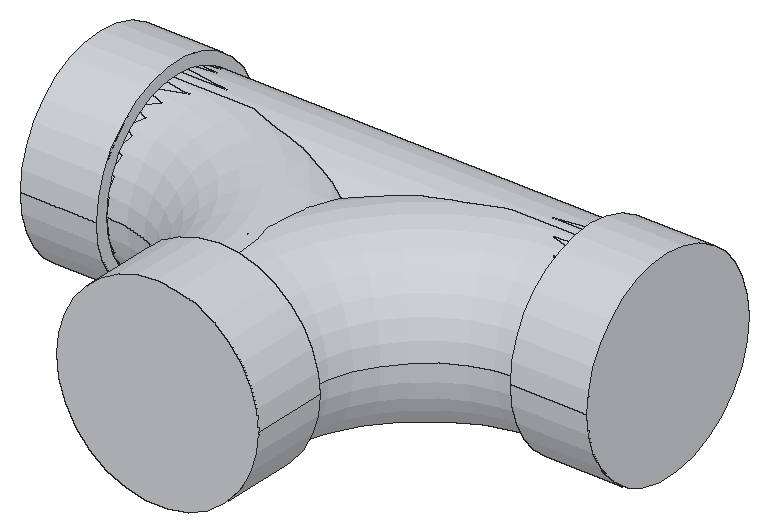
Revit family "M_Limpeza de duas vias - PVC - Sch 40 - DWV", category Conexões de tubo, Revit 2019
Family settings
  Cota do conector redondo = Usar raio
  Tipo de parte = Tê
  Número OmniClass = 23.60.30.11.14
  Título OmniClass = Pipework Fittings
  ID de item do Seek = Cleanout Two-Way - PVC - Sch 40 - DWV-0000-CAN-ENU
  Com base no plano de trabalho = Não
  Sempre na vertical = Sim
  Corte com vazios quando carregada = Não
  Compartilhado = Não
Parameters (values of type "Padrão")
  Espessura da parede [instance] = size_lookup(Nome da tabela de pesquisa, "WThk", 0.02 * Diâmetro nominal + 3.274 mm, Diâmetro nominal)  # 5.563 mm
  Tamanho da marca de revisão [instance] = Diâmetro externo da conexão * 0.4  # 35.56 mm
  Raio externo do soquete [instance] = Diâmetro externo do soquete / 2  # 50.267 mm
  Diâmetro externo do soquete [instance] = Diâmetro da entrada do soquete + Espessura da parede * 2  # 100.533 mm
  Diâmetro da entrada do soquete [instance] = size_lookup(Nome da tabela de pesquisa, "SED", 1.04 * Diâmetro nominal + 9.426 mm, Diâmetro nominal)  # 89.408 mm
  Profundidade do soquete [instance] = size_lookup(Nome da tabela de pesquisa, "SDpt", 0.5 * Diâmetro nominal, Diâmetro nominal)  # 38.1 mm
  Raio nominal [instance] = 40 mm
  Diâmetro nominal [instance] = Raio nominal * 2  # 80 mm
  Método de perda = Não definido
  Nome da tabela de pesquisa = "M_Cleanout Two-Way - PVC - Sch 40 - DWV"
  Raio externo da conexão [instance] = Diâmetro externo da conexão / 2  # 44.45 mm
  Diâmetro externo da conexão [instance] = size_lookup(Nome da tabela de pesquisa, "FOD", 1.04 * Diâmetro nominal + 9.128 mm, Diâmetro nominal)  # 88.9 mm
  Centro para legenda inferior do soquete [instance] = if(Raio externo da conexão > Centro para inferior do soquete, Raio externo da conexão + 3.175 mm, Centro para inferior do soquete)  # 103.188 mm
  Centro para inferior do soquete [instance] = size_lookup(Nome da tabela de pesquisa, "CtSB", 0.88 * Diâmetro nominal + 34.33 mm, Diâmetro nominal)  # 103.188 mm
Reference planes
  plane 1 "Centro (Frente/Trás)": y = 0
  plane 2: z = 0
  plane 3 "Centro (Esquerda/Direita)": x = 0
  plane 4: x = -103.187
  plane 5: x = 103.188
  plane 6: y = -103.188
Forms (mm)
  Sweep 1, solid, detail levels fine
    path in 3D
      loop
        line (-103.187, 0, 0) -> (-141.287, 0, 0)
    profile origin (-122.237, 0, 0) x (0, -1, 0) y (0, 0, 1)
      loop
        circle (0, 0) r 50.267
  Sweep 2, solid, detail levels fine
    path in 3D
      loop
        line (-103.187, 0, 0) -> (103.188, 0, 0)
    profile origin (0, 0, 0) x (0, 1, 0) y (0, 0, 1)
      loop
        circle (0, 0) r 44.45
  Sweep 3, solid, detail levels fine
    path in 3D
      loop
        line (103.188, 0, 0) -> (141.288, 0, 0)
    profile origin (122.238, 0, 0) x (0, 1, 0) y (0, 0, 1)
      loop
        circle (0, 0) r 50.267
  Sweep 4, solid, detail levels fine
    path in 3D
      loop
        line (0, -103.188, 0) -> (0, -141.288, 0)
    profile origin (0, -122.238, 0) x (1, 0, 0) y (0, 0, 1)
      loop
        circle (0, 0) r 50.267
  Sweep 5, solid, detail levels fine
    path in 3D
      loop
        arc (-103.187, 0, 0) -> (-30.223, -30.223, 0) -> (0, -103.188, 0) r 103.187
    profile origin (-30.223, -30.223, 0) x (0.707107, 0.707107, 0) y (0, 0, 1)
      loop
        circle (0, 0) r 44.45
  Sweep 6, solid, detail levels fine
    path in 3D
      loop
        arc (103.188, 0, 0) -> (30.223, -30.223, 0) -> (0, -103.188, 0) r 103.187
    profile origin (30.223, -30.223, 0) x (0.707107, -0.707107, 0) y (0, 0, 1)
      loop
        circle (0, 0) r 44.45
Cuts and joins
  joined: Sweep 1, Sweep 4, Sweep 5
  joined: Sweep 3, Sweep 6
Lines and regions (mm)
  model lines, detail levels coarse+medium
    curve 1: line (-103.187, 0, 0) -> (103.188, 0, 0)
    curve 2: line (-103.187, 0, 0) -> (-141.287, 0, 0)
    curve 3: line (103.188, 0, 0) -> (141.288, 0, 0)
    curve 4: line (0, -103.188, 0) -> (0, -141.288, 0)
    curve 9: line (-141.287, 0, 0) -> (-141.287, 35.56, 0)
    curve 10: line (-141.287, 0, 0) -> (-141.287, -35.56, 0)
    curve 11: line (141.288, 0, 0) -> (141.288, 35.56, 0)
    curve 12: line (141.288, 0, 0) -> (141.288, -35.56, 0)
    curve 13: line (0, -141.288, 0) -> (35.56, -141.288, 0)
    curve 14: line (0, -141.288, 0) -> (-35.56, -141.288, 0)
    curve 15: arc (-103.187, 0, 0) -> (-30.223, -30.223, 0) -> (0, -103.188, 0) r 103.187
    curve 16: arc (103.188, 0, 0) -> (30.223, -30.223, 0) -> (0, -103.188, 0) r 103.187
  sketch lines
    curve 5: line (-103.187, 0, 0) -> (-141.287, 0, 0)
    curve 6: line (-103.187, 0, 0) -> (103.188, 0, 0)
    curve 7: line (103.188, 0, 0) -> (141.288, 0, 0)
    curve 8: line (0, -103.188, 0) -> (0, -141.288, 0)
    curve 17: arc (-103.187, 0, 0) -> (-30.223, -30.223, 0) -> (0, -103.188, 0) r 103.187
    curve 18: arc (103.188, 0, 0) -> (30.223, -30.223, 0) -> (0, -103.188, 0) r 103.187
Dimensions and locks
  "Centro para legenda inferior do soquete": curve 1 to plane 3 "Centro (Esquerda/Direita)"
  "Centro para legenda inferior do soquete": plane 3 "Centro (Esquerda/Direita)" to curve 1
  "Profundidade do soquete": curve 2 to curve 2
  "Profundidade do soquete": curve 3 to curve 3
  "Profundidade do soquete": curve 4 to curve 4
  "Tamanho da marca de revisão": curve 9 to curve 9
  "Tamanho da marca de revisão": curve 10 to curve 10
  "Tamanho da marca de revisão": curve 11 to curve 11
  "Tamanho da marca de revisão": curve 12 to curve 12
  "Tamanho da marca de revisão": curve 13 to curve 13
  "Tamanho da marca de revisão": curve 14 to curve 14
  "Centro para legenda inferior do soquete": plane 4 to plane 3 "Centro (Esquerda/Direita)"
  "Centro para legenda inferior do soquete": plane 3 "Centro (Esquerda/Direita)" to plane 5
  "Centro para legenda inferior do soquete": plane 6 to plane 1 "Centro (Frente/Trás)"
  "Raio externo do soquete": radius of Sweep 1 sketch curve
  "Raio externo da conexão": radius of Sweep 2 sketch curve
  "Raio externo do soquete": radius of Sweep 3 sketch curve
  "Raio externo do soquete": radius of Sweep 4 sketch curve
  "Raio externo da conexão": radius of Sweep 5 sketch curve
  "Raio externo da conexão": radius of Sweep 6 sketch curve
  locked: curve 4 to curve 1 (angle 90.00°)
  angle curve 1 to curve 9 = 90.00°
  angle curve 10 to curve 1 = 90.00°
  angle curve 11 to curve 1 = 90.00°
  angle curve 1 to curve 12 = 90.00°
  angle curve 4 to curve 14 = 90.00°
  angle curve 4 to curve 13 = 90.00°
  aligned and locked: plane 1 "Centro (Frente/Trás)" to curve 1
  aligned and locked: plane 1 "Centro (Frente/Trás)" to Sweep 1 sketch curve
  aligned and locked: plane 2 to Sweep 1 sketch curve
  aligned and locked: plane 1 "Centro (Frente/Trás)" to Sweep 2 sketch curve
  aligned and locked: plane 2 to Sweep 2 sketch curve
  aligned and locked: plane 2 to Sweep 4 sketch curve
  aligned and locked: plane 4 to curve 15
  aligned and locked: plane 6 to curve 15
Automatic sketch dimensions
  Sweep 3 sketch curve to profile plane = 0 mm  (x2)
  profile plane to Sweep 4 sketch curve = 0 mm
  Sweep 5 sketch curve to profile plane = 0 mm  (x2)
  Sweep 6 sketch curve to profile plane = 0 mm  (x2)
Connectors
  piping at (-141.287, 0, 0), diameter 80, driven by "Raio nominal"
    settings: on cut or joined group of Sweep 1, Sweep 4, Sweep 5, index 1, connector inside diameter 80 mm, connector length 0 mm, flow factor 0, pipe flow 0.0 L/s, pressure drop 0.0 Pa, fitting loss kfactor 0, connector angle 0.00°, fixture units 0, engagement length 0 mm, angle of deflection 0.00°, flow configuration 0, flow direction 0, fitting loss method 0, system type 28, joint type 0, gender type 0, connector reference index 2, connector utility 0, adjustable connector no, is connector primary yes, connector description ""
  piping at (141.288, 0, 0), diameter 80, driven by "Raio nominal"
    settings: on cut or joined group of Sweep 3, Sweep 6, index 2, connector inside diameter 80 mm, connector length 0 mm, flow factor 0, pipe flow 0.0 L/s, pressure drop 0.0 Pa, fitting loss kfactor 0, connector angle 0.00°, fixture units 0, engagement length 0 mm, angle of deflection 0.00°, flow configuration 0, flow direction 0, fitting loss method 0, system type 28, joint type 0, gender type 0, connector reference index 1, connector utility 0, adjustable connector no, is connector primary no, connector description ""
  piping at (0, -141.288, 0), diameter 80, driven by "Raio nominal"
    settings: on cut or joined group of Sweep 1, Sweep 4, Sweep 5, index 3, connector inside diameter 80 mm, connector length 0 mm, flow factor 0, pipe flow 0.0 L/s, pressure drop 0.0 Pa, fitting loss kfactor 0, connector angle 0.00°, fixture units 0, engagement length 0 mm, angle of deflection 0.00°, flow configuration 0, flow direction 0, fitting loss method 0, system type 28, joint type 0, gender type 0, connector reference index -1, connector utility 0, adjustable connector no, is connector primary no, connector description ""
